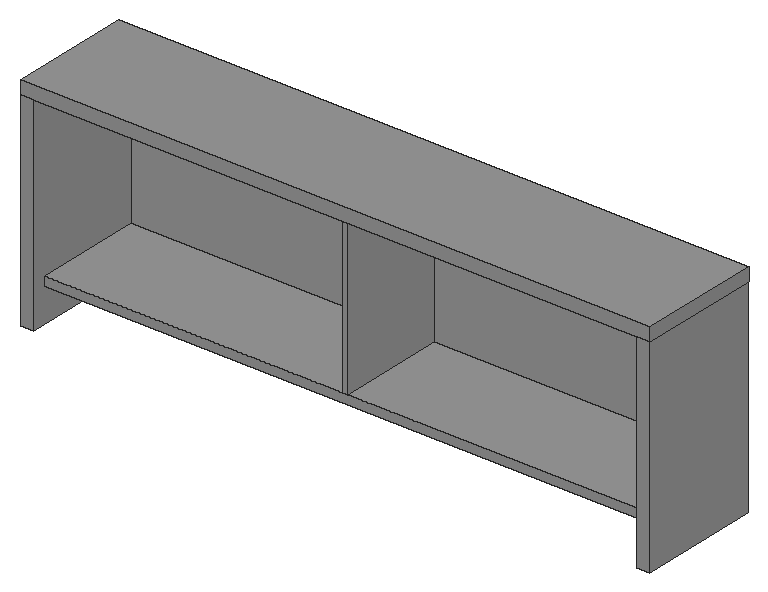
Revit family "АВЛН_Полка к столу препораторской", category Мебель, Revit 2019
Family settings
  Номер OmniClass = 23.40.20.00
  Заголовок OmniClass = General Furniture and Specialties
  На основе рабочей плоскости = Нет
  Всегда вертикально = Да
  При загрузке вырезать с полостями = Нет
  Общий = Нет
  Точка расчета площади = Нет
Parameters (values of type "Полка к столу для препараторской")
  Описание = "Полка к столу для препараторской;1430х280х500;"
  Type Comments = ""
  Keynote = ""
  Manufacturer = ""
  Группа модели = "Оборудование основных помещений школы"
  ADSK_Размер_Ширина = 280 mm
  ADSK_Размер_Длина = 1430 mm
  ADSK_Размер_Высота = 500 mm
  ADSK_Обозначение = ""
  ADSK_Масса = 0
  ADSK_Код изделия = ""
  ADSK_Единица измерения = "шт"  # constant formula
Reference planes
  plane 1 "По центру (Вперед/Назад)": y = 0
  plane 2: z = 0
  plane 3 "По центру (Влево/Вправо)": x = 0
  plane 4: z = 500
  plane 5: y = 140
  plane 6: x = 715
  plane 7: x = -715
  plane 8: y = -140
  plane 9: z = 100
Forms (mm)
  Extrusion 1, solid, material "Деревянная обшивка, ДСП"
    sketch origin (0, -518.993, 660.695) x (-1, 0, 0) y (0, -1, 0)
      loop
        line (-715, -658.993) -> (715, -658.993) -> (715, -378.993) -> (-715, -378.993) -> (-715, -658.993)
    from -190.695 to -160.695
  Extrusion 2, solid, material "Деревянная обшивка, ДСП"
    sketch origin (0, 0, 0) x (1, 0, 0) y (0, 0, 1)
      loop
        line (715, 470) -> (685, 470) -> (685, 0) -> (715, 0) -> (715, 470)
      loop
        line (-715, 470) -> (-715, 0) -> (-685, 0) -> (-685, 470) -> (-715, 470)
    from -140 to 140
  Extrusion 3, solid, material "Деревянная обшивка, ДСП"
    sketch origin (0, -518.993, 592.976) x (-1, 0, 0) y (0, -1, 0)
      loop
        line (685, -658.993) -> (685, -653.993) -> (-685, -653.993) -> (-685, -658.993) -> (685, -658.993)
    from -492.976 to -122.976
  Extrusion 4, solid, material "Деревянная обшивка, ДСП"
    sketch origin (0, -518.993, 592.976) x (-1, 0, 0) y (0, -1, 0)
      loop
        line (685, -658.993) -> (685, -408.993) -> (-685, -408.993) -> (-685, -658.993) -> (685, -658.993)
    from -492.976 to -512.976
  Extrusion 5, solid, material "Деревянная обшивка, ДСП"
    sketch origin (0, -518.993, 592.976) x (-1, 0, 0) y (0, -1, 0)
      loop
        line (5.36, -653.993) -> (5.36, -408.993) -> (-5.36, -408.993) -> (-5.36, -653.993) -> (5.36, -653.993)
    from -492.976 to -122.976
Dimensions and locks
  plane 2 to plane 4 = 500 mm
  equal spacing: plane 8, plane 1 "По центру (Вперед/Назад)", plane 5
  equal spacing: plane 7, plane 3 "По центру (Влево/Вправо)", plane 6
  "ADSK_Размер_Длина": plane 7 to plane 6
  "ADSK_Размер_Ширина": plane 5 to plane 8
  "ADSK_Размер_Высота": plane 2 to plane 4
  locked: Extrusion 1 to plane 4 at 30
  locked: Extrusion 2 sketch curve to plane 7 at 30
  locked: plane 6 to Extrusion 2 sketch curve at 30
  locked: plane 2 to plane 9 at 100
  locked: plane 5 to Extrusion 3 sketch curve at 5
  locked: Extrusion 4 sketch curve to Extrusion 4 sketch curve at 250
  locked: Extrusion 4 to plane 9 at 20
  equal spacing: Extrusion 5 sketch curve, plane 3 "По центру (Влево/Вправо)", Extrusion 5 sketch curve
  aligned and locked: level to plane 2
  aligned and locked: Extrusion 1 sketch curve to plane 5
  aligned and locked: plane 6 to Extrusion 1 sketch curve
  aligned and locked: Extrusion 1 sketch curve to plane 8
  aligned and locked: Extrusion 1 sketch curve to plane 7
  aligned and locked: Extrusion 1 to plane 4
  aligned and locked: Extrusion 2 sketch curve to Extrusion 1  (x4)
  aligned and locked: Extrusion 2 sketch curve to level
  aligned and locked: level to Extrusion 2 sketch curve
  aligned and locked: Extrusion 2 to plane 5
  aligned and locked: Extrusion 2 to plane 8
  aligned and locked: Extrusion 3 sketch curve to Extrusion 2  (x2)
  aligned and locked: Extrusion 2 to Extrusion 3 sketch curve
  aligned and locked: Extrusion 3 to plane 9
  aligned and locked: Extrusion 3 to Extrusion 1
  aligned and locked: Extrusion 4 sketch curve to Extrusion 3
  aligned and locked: Extrusion 2 to Extrusion 4 sketch curve
  aligned and locked: Extrusion 4 sketch curve to Extrusion 2
  aligned and locked: Extrusion 4 to plane 9
  aligned and locked: Extrusion 3 to Extrusion 5 sketch curve
  aligned and locked: Extrusion 5 sketch curve to Extrusion 4
  aligned and locked: Extrusion 5 to plane 9
  aligned and locked: Extrusion 5 to Extrusion 1
Automatic sketch dimensions
  plane 3 "По центру (Влево/Вправо)" to Extrusion 5 sketch curve = 5.36 mm
